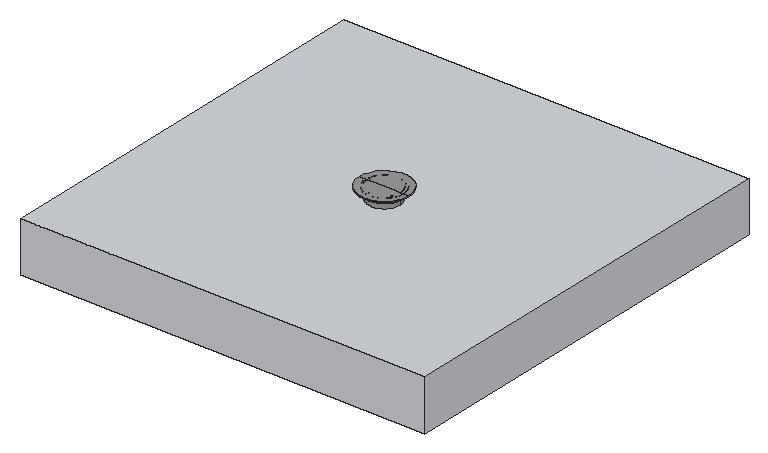
Revit family "LAMP_MUN DARK 300 SURFACE", category Modelos genéricos, Revit 2015
Parameters (values of type "45LM 3000 GRAPHITE")
  Weight = 1.66 kg
  Type = "OSRAM"
  Protection rating = "IP20"
  Product datasheet = "http://www.lamp.es/product-files/TECH/MD1300SF0120830NB-EN.pdf"
  Product code = "MD1300SF0120830NB"
  Product URL = "http://www.lamp.es/en/family/mun-dark_33380"
  Power Supply = "100-127-240V 50-60Hz"
  Power = 2.7 W
  Plum = 3.7 W
  Photometric web file = Fotometria Mun Dark 300 : 3000K
  Modelo = Product code  # "MD1300SF0120830NB"
  Material difusor = LAMP_PC Difusor Opal MunDark
  Material cuerpo = LAMP_Aluminio Mun Dark BL
  Material base = LAMP_Aluminio base MunDark BL
  Manufacturer name = "LAMP"
  Manufacturer country = "Spain"
  Manufacturer URL = "http://www.lamp.es/en"
  MacAdam = "<3"
  Luminaire type = "Indoor - Wall mounted"
  Last update = "06/11/2020"
  Lamp = "OSRAM LED"
  LED Lifetime = "50000 L70 B50"
  Insulation class = "I"
  Installation instructions = "http://www.lamp.es/product-files/INS/1004080-B-INSTR.%20MUN%20DARK.pdf"
  Initial intensity = 90 lm
  Initial color = 3000 K
  IEE = "A++"
  Height = 67 mm
  Gear = "Electronic"
  Finish = "Texturised matte graphite"
  Fabricante = Manufacturer name  # "LAMP"
  Default Elevation = 1219.2 mm
  Efficacy = 24.3 lm/W
  Diameter = 300 mm
  Descripción = "MUN DARK Ø300 WW GRH."
  CRI = "80"
Reference planes
  plane 1 "Centro (Frontal/Posterior)": y = 0
  plane 2: z = 0
  plane 3 "Centro (Izquierda/Derecha)": x = 0
Forms (mm)
  Extrusion 1, solid
    sketch origin (0, 0, 0) x (1, 0, 0) y (0, 1, 0)
      loop
        line (-1219.2, 1219.2) -> (-1219.2, -1219.2) -> (1219.2, -1219.2) -> (1219.2, 1219.2) -> (-1219.2, 1219.2)
    from 0 to -304.8
  Revolve 2, solid, material "LAMP_Aluminio Mun Dark BL" <- "Material cuerpo"
    sketch origin (0, 0, 10) x (1, 0, 0) y (0, 0, 1)
      loop
        line (0, 57) -> (0, 29.496) -> (96.5, 29.496) -> (96.5, 54.3) -> (112.4, 54.3) -> (112.4, 48.3) -> (113.4, 48.3) -> (113.4, 55) -> (150, 55) -> (150, 57) -> (0, 57)
      axis (0, 57) -> (0, 29.496)
    angle from 0 to 360
  Revolve 3, solid, material "LAMP_PC Difusor Opal MunDark" <- "Material difusor"
    sketch origin (0, 0, 10) x (1, 0, 0) y (0, 0, 1)
      loop
        line (110.061, 49.616) -> (108.061, 49.616) -> (111.04, 44.456) -> (111.04, 32.941) -> (111.04, 31.506) -> (96.24, 26.697) -> (96.24, 24.697) -> (110.967, 29.482)
        arc (110.967, 29.482) -> (112.467, 30.572) -> (113.04, 32.335) r 3
        line (113.04, 32.335) -> (113.04, 44.456) -> (110.061, 49.616)
      axis (0, 49.616) -> (0, 24.697)
    angle from 0 to 360
  Revolve 4, solid, material "LAMP_Aluminio base MunDark BL" <- "Material base"
    sketch origin (0, 0, 0) x (1, 0, 0) y (0, 0, 1)
      loop
        line (96.5, 34.697) -> (0, 34.697) -> (0, 0) -> (96.5, 0) -> (96.5, 34.697)
      axis (0, 34.697) -> (0, 0)
    angle from 0 to 360
Text (mm)
  text "Any modification of the parameters and properties of the LAMP BIM models must be executed and validated by the LAMP technical department.\n\nPhone: +34 93 736 68 00\n\nE-mail: lamp@lamp.es\n\n\n\nLAMP reserves the right to modify the technical specifications of its products." at (-13694.401, 10564.437, -20060.44), in view "Preview"
Dimensions and locks
  aligned and locked: plane 2 to Extrusion 1
  aligned and locked: level to Extrusion 1
Nested families
  nested 1: "Fotometria Mun Dark 300" at (0, 0, -1361.738), type "3000K"
Connectors
  electrical at (0, 0, 0)
    settings: on Revolve 4, index 1, voltage 230 V, apparent load 0 VA, apparent load phase1 0 VA, apparent load phase2 0 VA, apparent load phase3 0 VA, power factor 1, load classification "Otro", number of poles 1, system type 31, power factor state 1, is connector primary yes, connector utility no, sub classification motor no, connector description ""
Definition of nested family "Fotometria Mun Dark 300"
  Parameters (values of type "3000K")
    Tilt Angle = -90.00°
    Wattage = 15.9574 W
    built-in parameter 1150110 = 1 (stored number, unit not read)
    built-in parameter 1150142 = "IESNA:LM-63-1995\r\n[TEST] 10540100\r\n[DATE] 26-10-2016\r\n[MANUFAC] LAMP S.A.\r\n[LUMCAT] 10540100\r\n[LUMINAIRE] MUN DARK??300 NW WH.\r\n[LAMPCAT] 600mm de tira flexible LF06A-W3F-840 a 350mA\r\n[LAMP] \r\nTILT=NONE\r\n    1        90 1.00   37   36    1    1   0.400   0.300   0.067\r\n  1.0  1.0    4.0\r\n    0.0    5.0   10.0   15.0   20.0   25.0   30.0   35.0   40.0   45.0   50.0   55.0   60.0   65.0   70.0   75.0   80.0   85.0   90.0   95.0  100.0  105.0  110.0  115.0  120.0  125.0  130.0  135.0  140.0  145.0  150.0  155.0  160.0  165.0  170.0  175.0  180.0\r\n    0.0   10.0   20.0   30.0   40.0   50.0   60.0   70.0   80.0   90.0  100.0  110.0  120.0  130.0  140.0  150.0  160.0  170.0  180.0  190.0  200.0  210.0  220.0  230.0  240.0  250.0  260.0  270.0  280.0  290.0  300.0  310.0  320.0  330.0  340.0  350.0\r\n      18.2      17.9      16.7      15.8      15.6      15.6      15.6      15.5      15.3      14.9      14.5      13.9      13.2      12.4      11.5      10.4       9.3       8.1       7.1       6.2       4.6       2.3       1.1       0.9       0.7       0.6       0.6       0.6       0.5       0.1       0.0       0.0       0.0       0.0       0.0       0.0       0.0\r\n      18.2      17.9      16.7      15.8      15.6      15.6      15.6      15.5      15.3      14.9      14.5      13.9      13.2      12.4      11.5      10.4       9.3       8.1       7.1       6.2       4.6       2.3       1.1       0.9       0.7       0.6       0.6       0.6       0.6       0.1       0.0       0.0       0.0       0.0       0.0       0.0       0.0\r\n      18.2      17.9      16.7      15.8      15.6      15.6      15.6      15.5      15.3      14.9      14.5      13.9      13.2      12.4      11.5      10.5       9.3       8.1       7.1       6.2       4.6       2.3       1.1       0.9       0.7       0.6       0.6       0.6       0.6       0.1       0.0       0.0       0.0       0.0       0.0       0.0       0.0\r\n      18.2      17.9      16.7      15.8      15.6      15.6      15.6      15.5      15.3      14.9      14.5      13.9      13.3      12.4      11.5      10.5       9.3       8.1       7.1       6.2       4.6       2.3       1.1       0.9       0.7       0.7       0.6       0.6       0.6       0.1       0.0       0.0       0.0       0.0       0.0       0.0       0.0\r\n      18.2      17.9      16.7      15.8      15.6      15.6      15.6      15.5      15.3      14.9      14.5      14.0      13.3      12.4      11.5      10.5       9.3       8.1       7.1       6.2       4.6       2.3       1.1       0.9       0.7       0.7       0.6       0.6       0.6       0.1       0.0       0.0       0.0       0.0       0.0       0.0       0.0\r\n      18.2      17.9      16.7      15.8      15.6      15.6      15.6      15.5      15.3      14.9      14.5      14.0      13.3      12.4      11.5      10.5       9.3       8.1       7.1       6.2       4.6       2.3       1.1       0.9       0.7       0.7       0.6       0.6       0.6       0.1       0.0       0.0       0.0       0.0       0.0       0.0       0.0\r\n      18.2      17.9      16.7      15.8      15.6      15.6      15.6      15.5      15.3      14.9      14.5      13.9      13.3      12.4      11.5      10.5       9.3       8.1       7.1       6.2       4.6       2.3       1.1       0.9       0.7       0.7       0.6       0.6       0.6       0.1       0.0       0.0       0.0       0.0       0.0       0.0       0.0\r\n      18.2      17.9      16.7      15.8      15.6      15.6      15.6      15.5      15.3      14.9      14.5      13.9      13.2      12.4      11.5      10.5       9.3       8.1       7.1       6.2       4.6       2.3       1.1       0.9       0.7       0.6       0.6       0.6       0.6       0.1       0.0       0.0       0.0       0.0       0.0       0.0       0.0\r\n      18.2      17.9      16.7      15.8      15.6      15.6      15.6      15.5      15.3      14.9      14.5      13.9      13.2      12.4      11.5      10.4       9.3       8.1       7.1       6.2       4.6       2.3       1.1       0.9       0.7       0.6       0.6       0.6       0.6       0.1       0.0       0.0       0.0       0.0       0.0       0.0       0.0\r\n      18.2      17.9      16.7      15.8      15.6      15.6      15.6      15.5      15.3      14.9      14.5      13.9      13.2      12.4      11.5      10.4       9.3       8.1       7.1       6.2       4.6       2.3       1.1       0.9       0.7       0.6       0.6       0.6       0.5       0.1       0.0       0.0       0.0       0.0       0.0       0.0       0.0\r\n      18.2      17.9      16.7      15.8      15.6      15.6      15.6      15.5      15.3      14.9      14.5      13.9      13.2      12.4      11.5      10.4       9.3       8.1       7.1       6.2       4.6       2.3       1.1       0.9       0.7       0.6       0.6       0.6       0.6       0.1       0.0       0.0       0.0       0.0       0.0       0.0       0.0\r\n      18.2      17.9      16.7      15.8      15.6      15.6      15.6      15.5      15.3      14.9      14.5      13.9      13.2      12.4      11.5      10.5       9.3       8.1       7.1       6.2       4.6       2.3       1.1       0.9       0.7       0.6       0.6       0.6       0.6       0.1       0.0       0.0       0.0       0.0       0.0       0.0       0.0\r\n      18.2      17.9      16.7      15.8      15.6      15.6      15.6      15.5      15.3      14.9      14.5      13.9      13.3      12.4      11.5      10.5       9.3       8.1       7.1       6.2       4.6       2.3       1.1       0.9       0.7       0.7       0.6       0.6       0.6       0.1       0.0       0.0       0.0       0.0       0.0       0.0       0.0\r\n      18.2      17.9      16.7      15.8      15.6      15.6      15.6      15.5      15.3      14.9      14.5      14.0      13.3      12.4      11.5      10.5       9.3       8.1       7.1       6.2       4.6       2.3       1.1       0.9       0.7       0.7       0.6       0.6       0.6       0.1       0.0       0.0       0.0       0.0       0.0       0.0       0.0\r\n      18.2      17.9      16.7      15.8      15.6      15.6      15.6      15.5      15.3      14.9      14.5      14.0      13.3      12.4      11.5      10.5       9.3       8.1       7.1       6.2       4.6       2.3       1.1       0.9       0.7       0.7       0.6       0.6       0.6       0.1       0.0       0.0       0.0       0.0       0.0       0.0       0.0\r\n      18.2      17.9      16.7      15.8      15.6      15.6      15.6      15.5      15.3      14.9      14.5      13.9      13.3      12.4      11.5      10.5       9.3       8.1       7.1       6.2       4.6       2.3       1.1       0.9       0.7       0.7       0.6       0.6       0.6       0.1       0.0       0.0       0.0       0.0       0.0       0.0       0.0\r\n      18.2      17.9      16.7      15.8      15.6      15.6      15.6      15.5      15.3      14.9      14.5      13.9      13.2      12.4      11.5      10.5       9.3       8.1       7.1       6.2       4.6       2.3       1.1       0.9       0.7       0.6       0.6       0.6       0.6       0.1       0.0       0.0       0.0       0.0       0.0       0.0       0.0\r\n      18.2      17.9      16.7      15.8      15.6      15.6      15.6      15.5      15.3      14.9      14.5      13.9      13.2      12.4      11.5      10.4       9.3       8.1       7.1       6.2       4.6       2.3       1.1       0.9       0.7       0.6       0.6       0.6       0.6       0.1       0.0       0.0       0.0       0.0       0.0       0.0       0.0\r\n      18.2      17.9      16.7      15.8      15.6      15.6      15.6      15.5      15.3      14.9      14.5      13.9      13.2      12.4      11.5      10.4       9.3       8.1       7.1       6.2       4.6       2.3       1.1       0.9       0.7       0.6       0.6       0.6       0.5       0.1       0.0       0.0       0.0       0.0       0.0       0.0       0.0\r\n      18.2      17.9      16.7      15.8      15.6      15.6      15.6      15.5      15.3      14.9      14.5      13.9      13.2      12.4      11.5      10.4       9.3       8.1       7.1       6.2       4.6       2.3       1.1       0.9       0.7       0.6       0.6       0.6       0.6       0.1       0.0       0.0       0.0       0.0       0.0       0.0       0.0\r\n      18.2      17.9      16.7      15.8      15.6      15.6      15.6      15.5      15.3      14.9      14.5      13.9      13.2      12.4      11.5      10.5       9.3       8.1       7.1       6.2       4.6       2.3       1.1       0.9       0.7       0.6       0.6       0.6       0.6       0.1       0.0       0.0       0.0       0.0       0.0       0.0       0.0\r\n      18.2      17.9      16.7      15.8      15.6      15.6      15.6      15.5      15.3      14.9      14.5      13.9      13.3      12.4      11.5      10.5       9.3       8.1       7.1       6.2       4.6       2.3       1.1       0.9       0.7       0.7       0.6       0.6       0.6       0.1       0.0       0.0       0.0       0.0       0.0       0.0       0.0\r\n      18.2      17.9      16.7      15.8      15.6      15.6      15.6      15.5      15.3      14.9      14.5      14.0      13.3      12.4      11.5      10.5       9.3       8.1       7.1       6.2       4.6       2.3       1.1       0.9       0.7       0.7       0.6       0.6       0.6       0.1       0.0       0.0       0.0       0.0       0.0       0.0       0.0\r\n      18.2      17.9      16.7      15.8      15.6      15.6      15.6      15.5      15.3      14.9      14.5      14.0      13.3      12.4      11.5      10.5       9.3       8.1       7.1       6.2       4.6       2.3       1.1       0.9       0.7       0.7       0.6       0.6       0.6       0.1       0.0       0.0       0.0       0.0       0.0       0.0       0.0\r\n      18.2      17.9      16.7      15.8      15.6      15.6      15.6      15.5      15.3      14.9      14.5      13.9      13.3      12.4      11.5      10.5       9.3       8.1       7.1       6.2       4.6       2.3       1.1       0.9       0.7       0.7       0.6       0.6       0.6       0.1       0.0       0.0       0.0       0.0       0.0       0.0       0.0\r\n      18.2      17.9      16.7      15.8      15.6      15.6      15.6      15.5      15.3      14.9      14.5      13.9      13.2      12.4      11.5      10.5       9.3       8.1       7.1       6.2       4.6       2.3       1.1       0.9       0.7       0.6       0.6       0.6       0.6       0.1       0.0       0.0       0.0       0.0       0.0       0.0       0.0\r\n      18.2      17.9      16.7      15.8      15.6      15.6      15.6      15.5      15.3      14.9      14.5      13.9      13.2      12.4      11.5      10.4       9.3       8.1       7.1       6.2       4.6       2.3       1.1       0.9       0.7       0.6       0.6       0.6       0.6       0.1       0.0       0.0       0.0       0.0       0.0       0.0       0.0\r\n      18.2      17.9      16.7      15.8      15.6      15.6      15.6      15.5      15.3      14.9      14.5      13.9      13.2      12.4      11.5      10.4       9.3       8.1       7.1       6.2       4.6       2.3       1.1       0.9       0.7       0.6       0.6       0.6       0.5       0.1       0.0       0.0       0.0       0.0       0.0       0.0       0.0\r\n      18.2      17.9      16.7      15.8      15.6      15.6      15.6      15.5      15.3      14.9      14.5      13.9      13.2      12.4      11.5      10.4       9.3       8.1       7.1       6.2       4.6       2.3       1.1       0.9       0.7       0.6       0.6       0.6       0.6       0.1       0.0       0.0       0.0       0.0       0.0       0.0       0.0\r\n      18.2      17.9      16.7      15.8      15.6      15.6      15.6      15.5      15.3      14.9      14.5      13.9      13.2      12.4      11.5      10.5       9.3       8.1       7.1       6.2       4.6       2.3       1.1       0.9       0.7       0.6       0.6       0.6       0.6       0.1       0.0       0.0       0.0       0.0       0.0       0.0       0.0\r\n      18.2      17.9      16.7      15.8      15.6      15.6      15.6      15.5      15.3      14.9      14.5      13.9      13.3      12.4      11.5      10.5       9.3       8.1       7.1       6.2       4.6       2.3       1.1       0.9       0.7       0.7       0.6       0.6       0.6       0.1       0.0       0.0       0.0       0.0       0.0       0.0       0.0\r\n      18.2      17.9      16.7      15.8      15.6      15.6      15.6      15.5      15.3      14.9      14.5      14.0      13.3      12.4      11.5      10.5       9.3       8.1       7.1       6.2       4.6       2.3       1.1       0.9       0.7       0.7       0.6       0.6       0.6       0.1       0.0       0.0       0.0       0.0       0.0       0.0       0.0\r\n      18.2      17.9      16.7      15.8      15.6      15.6      15.6      15.5      15.3      14.9      14.5      14.0      13.3      12.4      11.5      10.5       9.3       8.1       7.1       6.2       4.6       2.3       1.1       0.9       0.7       0.7       0.6       0.6       0.6       0.1       0.0       0.0       0.0       0.0       0.0       0.0       0.0\r\n      18.2      17.9      16.7      15.8      15.6      15.6      15.6      15.5      15.3      14.9      14.5      13.9      13.3      12.4      11.5      10.5       9.3       8.1       7.1       6.2       4.6       2.3       1.1       0.9       0.7       0.7       0.6       0.6       0.6       0.1       0.0       0.0       0.0       0.0       0.0       0.0       0.0\r\n      18.2      17.9      16.7      15.8      15.6      15.6      15.6      15.5      15.3      14.9      14.5      13.9      13.2      12.4      11.5      10.5       9.3       8.1       7.1       6.2       4.6       2.3       1.1       0.9       0.7       0.6       0.6       0.6       0.6       0.1       0.0       0.0       0.0       0.0       0.0       0.0       0.0\r\n      18.2      17.9      16.7      15.8      15.6      15.6      15.6      15.5      15.3      14.9      14.5      13.9      13.2      12.4      11.5      10.4       9.3       8.1       7.1       6.2       4.6       2.3       1.1       0.9       0.7       0.6       0.6       0.6       0.6       0.1       0.0       0.0       0.0       0.0       0.0       0.0       0.0\r\n"
    built-in parameter 1114217 = 1 (stored number, unit not read)
    built-in parameter 1150109 = 1 (stored number, unit not read)
    built-in parameter 1150134 = (empty or 0)
    built-in parameter 1150113 = 1 (stored number, unit not read)
    Lumens = 300 lm
    built-in parameter 1150115 = 1 (stored number, unit not read)
    built-in parameter 1150105 = 60.667 (stored number, unit not read)
    built-in parameter 1150137 = (empty or 0)
    built-in parameter 1150139 = (empty or 0)
    built-in parameter 1150112 = 1 (stored number, unit not read)
    built-in parameter 1150114 = 1 (stored number, unit not read)
    built-in parameter 1150132 = 2
    built-in parameter 1150102 = (empty or 0)
    built-in parameter 1150138 = (empty or 0)
    built-in parameter 1150107 = 3000 (stored number, unit not read)
    built-in parameter 1150106 = 0.60667 (stored number, unit not read)
    built-in parameter 1150104 = 1.7466 (stored number, unit not read)
    Dimming Lamp Color Temperature Shift = (empty or 0)
    Color Filter = 16777215
    built-in parameter 1114218 = 1 (stored number, unit not read)
    Photometric Web File = "10540100.IES"
    built-in parameter 1150133 = 10 (stored number, unit not read)
  Types (3, lengths in mm): name | built-in parameter 1150142 | built-in parameter 1150134 | built-in parameter 1150105 | built-in parameter 1150107 | built-in parameter 1150106 | Photometric Web File
    (no name) | "IESNA:LM-63-1995\r\n[TEST] 10540100\r\n[DATE] 26-10-2016\r\n[MANUFAC] LAMP S.A.\r\n[LUMCAT] 10540100\r\n[LUMINAIRE] MUN DARK??300 NW WH.\r\n[LAMPCAT] 600mm de tira flexible LF06A-W3F-840 a 350mA\r\n[LAMP] \r\nTILT=NONE\r\n    1        90 1.00   37   36    1    1   0.400   0.300   0.067\r\n  1.0  1.0    4.0\r\n    0.0    5.0   10.0   15.0   20.0   25.0   30.0   35.0   40.0   45.0   50.0   55.0   60.0   65.0   70.0   75.0   80.0   85.0   90.0   95.0  100.0  105.0  110.0  115.0  120.0  125.0  130.0  135.0  140.0  145.0  150.0  155.0  160.0  165.0  170.0  175.0  180.0\r\n    0.0   10.0   20.0   30.0   40.0   50.0   60.0   70.0   80.0   90.0  100.0  110.0  120.0  130.0  140.0  150.0  160.0  170.0  180.0  190.0  200.0  210.0  220.0  230.0  240.0  250.0  260.0  270.0  280.0  290.0  300.0  310.0  320.0  330.0  340.0  350.0\r\n      18.2      17.9      16.7      15.8      15.6      15.6      15.6      15.5      15.3      14.9      14.5      13.9      13.2      12.4      11.5      10.4       9.3       8.1       7.1       6.2       4.6       2.3       1.1       0.9       0.7       0.6       0.6       0.6       0.5       0.1       0.0       0.0       0.0       0.0       0.0       0.0       0.0\r\n      18.2      17.9      16.7      15.8      15.6      15.6      15.6      15.5      15.3      14.9      14.5      13.9      13.2      12.4      11.5      10.4       9.3       8.1       7.1       6.2       4.6       2.3       1.1       0.9       0.7       0.6       0.6       0.6       0.6       0.1       0.0       0.0       0.0       0.0       0.0       0.0       0.0\r\n      18.2      17.9      16.7      15.8      15.6      15.6      15.6      15.5      15.3      14.9      14.5      13.9      13.2      12.4      11.5      10.5       9.3       8.1       7.1       6.2       4.6       2.3       1.1       0.9       0.7       0.6       0.6       0.6       0.6       0.1       0.0       0.0       0.0       0.0       0.0       0.0       0.0\r\n      18.2      17.9      16.7      15.8      15.6      15.6      15.6      15.5      15.3      14.9      14.5      13.9      13.3      12.4      11.5      10.5       9.3       8.1       7.1       6.2       4.6       2.3       1.1       0.9       0.7       0.7       0.6       0.6       0.6       0.1       0.0       0.0       0.0       0.0       0.0       0.0       0.0\r\n      18.2      17.9      16.7      15.8      15.6      15.6      15.6      15.5      15.3      14.9      14.5      14.0      13.3      12.4      11.5      10.5       9.3       8.1       7.1       6.2       4.6       2.3       1.1       0.9       0.7       0.7       0.6       0.6       0.6       0.1       0.0       0.0       0.0       0.0       0.0       0.0       0.0\r\n      18.2      17.9      16.7      15.8      15.6      15.6      15.6      15.5      15.3      14.9      14.5      14.0      13.3      12.4      11.5      10.5       9.3       8.1       7.1       6.2       4.6       2.3       1.1       0.9       0.7       0.7       0.6       0.6       0.6       0.1       0.0       0.0       0.0       0.0       0.0       0.0       0.0\r\n      18.2      17.9      16.7      15.8      15.6      15.6      15.6      15.5      15.3      14.9      14.5      13.9      13.3      12.4      11.5      10.5       9.3       8.1       7.1       6.2       4.6       2.3       1.1       0.9       0.7       0.7       0.6       0.6       0.6       0.1       0.0       0.0       0.0       0.0       0.0       0.0       0.0\r\n      18.2      17.9      16.7      15.8      15.6      15.6      15.6      15.5      15.3      14.9      14.5      13.9      13.2      12.4      11.5      10.5       9.3       8.1       7.1       6.2       4.6       2.3       1.1       0.9       0.7       0.6       0.6       0.6       0.6       0.1       0.0       0.0       0.0       0.0       0.0       0.0       0.0\r\n      18.2      17.9      16.7      15.8      15.6      15.6      15.6      15.5      15.3      14.9      14.5      13.9      13.2      12.4      11.5      10.4       9.3       8.1       7.1       6.2       4.6       2.3       1.1       0.9       0.7       0.6       0.6       0.6       0.6       0.1       0.0       0.0       0.0       0.0       0.0       0.0       0.0\r\n      18.2      17.9      16.7      15.8      15.6      15.6      15.6      15.5      15.3      14.9      14.5      13.9      13.2      12.4      11.5      10.4       9.3       8.1       7.1       6.2       4.6       2.3       1.1       0.9       0.7       0.6       0.6       0.6       0.5       0.1       0.0       0.0       0.0       0.0       0.0       0.0       0.0\r\n      18.2      17.9      16.7      15.8      15.6      15.6      15.6      15.5      15.3      14.9      14.5      13.9      13.2      12.4      11.5      10.4       9.3       8.1       7.1       6.2       4.6       2.3       1.1       0.9       0.7       0.6       0.6       0.6       0.6       0.1       0.0       0.0       0.0       0.0       0.0       0.0       0.0\r\n      18.2      17.9      16.7      15.8      15.6      15.6      15.6      15.5      15.3      14.9      14.5      13.9      13.2      12.4      11.5      10.5       9.3       8.1       7.1       6.2       4.6       2.3       1.1       0.9       0.7       0.6       0.6       0.6       0.6       0.1       0.0       0.0       0.0       0.0       0.0       0.0       0.0\r\n      18.2      17.9      16.7      15.8      15.6      15.6      15.6      15.5      15.3      14.9      14.5      13.9      13.3      12.4      11.5      10.5       9.3       8.1       7.1       6.2       4.6       2.3       1.1       0.9       0.7       0.7       0.6       0.6       0.6       0.1       0.0       0.0       0.0       0.0       0.0       0.0       0.0\r\n      18.2      17.9      16.7      15.8      15.6      15.6      15.6      15.5      15.3      14.9      14.5      14.0      13.3      12.4      11.5      10.5       9.3       8.1       7.1       6.2       4.6       2.3       1.1       0.9       0.7       0.7       0.6       0.6       0.6       0.1       0.0       0.0       0.0       0.0       0.0       0.0       0.0\r\n      18.2      17.9      16.7      15.8      15.6      15.6      15.6      15.5      15.3      14.9      14.5      14.0      13.3      12.4      11.5      10.5       9.3       8.1       7.1       6.2       4.6       2.3       1.1       0.9       0.7       0.7       0.6       0.6       0.6       0.1       0.0       0.0       0.0       0.0       0.0       0.0       0.0\r\n      18.2      17.9      16.7      15.8      15.6      15.6      15.6      15.5      15.3      14.9      14.5      13.9      13.3      12.4      11.5      10.5       9.3       8.1       7.1       6.2       4.6       2.3       1.1       0.9       0.7       0.7       0.6       0.6       0.6       0.1       0.0       0.0       0.0       0.0       0.0       0.0       0.0\r\n      18.2      17.9      16.7      15.8      15.6      15.6      15.6      15.5      15.3      14.9      14.5      13.9      13.2      12.4      11.5      10.5       9.3       8.1       7.1       6.2       4.6       2.3       1.1       0.9       0.7       0.6       0.6       0.6       0.6       0.1       0.0       0.0       0.0       0.0       0.0       0.0       0.0\r\n      18.2      17.9      16.7      15.8      15.6      15.6      15.6      15.5      15.3      14.9      14.5      13.9      13.2      12.4      11.5      10.4       9.3       8.1       7.1       6.2       4.6       2.3       1.1       0.9       0.7       0.6       0.6       0.6       0.6       0.1       0.0       0.0       0.0       0.0       0.0       0.0       0.0\r\n      18.2      17.9      16.7      15.8      15.6      15.6      15.6      15.5      15.3      14.9      14.5      13.9      13.2      12.4      11.5      10.4       9.3       8.1       7.1       6.2       4.6       2.3       1.1       0.9       0.7       0.6       0.6       0.6       0.5       0.1       0.0       0.0       0.0       0.0       0.0       0.0       0.0\r\n      18.2      17.9      16.7      15.8      15.6      15.6      15.6      15.5      15.3      14.9      14.5      13.9      13.2      12.4      11.5      10.4       9.3       8.1       7.1       6.2       4.6       2.3       1.1       0.9       0.7       0.6       0.6       0.6       0.6       0.1       0.0       0.0       0.0       0.0       0.0       0.0       0.0\r\n      18.2      17.9      16.7      15.8      15.6      15.6      15.6      15.5      15.3      14.9      14.5      13.9      13.2      12.4      11.5      10.5       9.3       8.1       7.1       6.2       4.6       2.3       1.1       0.9       0.7       0.6       0.6       0.6       0.6       0.1       0.0       0.0       0.0       0.0       0.0       0.0       0.0\r\n      18.2      17.9      16.7      15.8      15.6      15.6      15.6      15.5      15.3      14.9      14.5      13.9      13.3      12.4      11.5      10.5       9.3       8.1       7.1       6.2       4.6       2.3       1.1       0.9       0.7       0.7       0.6       0.6       0.6       0.1       0.0       0.0       0.0       0.0       0.0       0.0       0.0\r\n      18.2      17.9      16.7      15.8      15.6      15.6      15.6      15.5      15.3      14.9      14.5      14.0      13.3      12.4      11.5      10.5       9.3       8.1       7.1       6.2       4.6       2.3       1.1       0.9       0.7       0.7       0.6       0.6       0.6       0.1       0.0       0.0       0.0       0.0       0.0       0.0       0.0\r\n      18.2      17.9      16.7      15.8      15.6      15.6      15.6      15.5      15.3      14.9      14.5      14.0      13.3      12.4      11.5      10.5       9.3       8.1       7.1       6.2       4.6       2.3       1.1       0.9       0.7       0.7       0.6       0.6       0.6       0.1       0.0       0.0       0.0       0.0       0.0       0.0       0.0\r\n      18.2      17.9      16.7      15.8      15.6      15.6      15.6      15.5      15.3      14.9      14.5      13.9      13.3      12.4      11.5      10.5       9.3       8.1       7.1       6.2       4.6       2.3       1.1       0.9       0.7       0.7       0.6       0.6       0.6       0.1       0.0       0.0       0.0       0.0       0.0       0.0       0.0\r\n      18.2      17.9      16.7      15.8      15.6      15.6      15.6      15.5      15.3      14.9      14.5      13.9      13.2      12.4      11.5      10.5       9.3       8.1       7.1       6.2       4.6       2.3       1.1       0.9       0.7       0.6       0.6       0.6       0.6       0.1       0.0       0.0       0.0       0.0       0.0       0.0       0.0\r\n      18.2      17.9      16.7      15.8      15.6      15.6      15.6      15.5      15.3      14.9      14.5      13.9      13.2      12.4      11.5      10.4       9.3       8.1       7.1       6.2       4.6       2.3       1.1       0.9       0.7       0.6       0.6       0.6       0.6       0.1       0.0       0.0       0.0       0.0       0.0       0.0       0.0\r\n      18.2      17.9      16.7      15.8      15.6      15.6      15.6      15.5      15.3      14.9      14.5      13.9      13.2      12.4      11.5      10.4       9.3       8.1       7.1       6.2       4.6       2.3       1.1       0.9       0.7       0.6       0.6       0.6       0.5       0.1       0.0       0.0       0.0       0.0       0.0       0.0       0.0\r\n      18.2      17.9      16.7      15.8      15.6      15.6      15.6      15.5      15.3      14.9      14.5      13.9      13.2      12.4      11.5      10.4       9.3       8.1       7.1       6.2       4.6       2.3       1.1       0.9       0.7       0.6       0.6       0.6       0.6       0.1       0.0       0.0       0.0       0.0       0.0       0.0       0.0\r\n      18.2      17.9      16.7      15.8      15.6      15.6      15.6      15.5      15.3      14.9      14.5      13.9      13.2      12.4      11.5      10.5       9.3       8.1       7.1       6.2       4.6       2.3       1.1       0.9       0.7       0.6       0.6       0.6       0.6       0.1       0.0       0.0       0.0       0.0       0.0       0.0       0.0\r\n      18.2      17.9      16.7      15.8      15.6      15.6      15.6      15.5      15.3      14.9      14.5      13.9      13.3      12.4      11.5      10.5       9.3       8.1       7.1       6.2       4.6       2.3       1.1       0.9       0.7       0.7       0.6       0.6       0.6       0.1       0.0       0.0       0.0       0.0       0.0       0.0       0.0\r\n      18.2      17.9      16.7      15.8      15.6      15.6      15.6      15.5      15.3      14.9      14.5      14.0      13.3      12.4      11.5      10.5       9.3       8.1       7.1       6.2       4.6       2.3       1.1       0.9       0.7       0.7       0.6       0.6       0.6       0.1       0.0       0.0       0.0       0.0       0.0       0.0       0.0\r\n      18.2      17.9      16.7      15.8      15.6      15.6      15.6      15.5      15.3      14.9      14.5      14.0      13.3      12.4      11.5      10.5       9.3       8.1       7.1       6.2       4.6       2.3       1.1       0.9       0.7       0.7       0.6       0.6       0.6       0.1       0.0       0.0       0.0       0.0       0.0       0.0       0.0\r\n      18.2      17.9      16.7      15.8      15.6      15.6      15.6      15.5      15.3      14.9      14.5      13.9      13.3      12.4      11.5      10.5       9.3       8.1       7.1       6.2       4.6       2.3       1.1       0.9       0.7       0.7       0.6       0.6       0.6       0.1       0.0       0.0       0.0       0.0       0.0       0.0       0.0\r\n      18.2      17.9      16.7      15.8      15.6      15.6      15.6      15.5      15.3      14.9      14.5      13.9      13.2      12.4      11.5      10.5       9.3       8.1       7.1       6.2       4.6       2.3       1.1       0.9       0.7       0.6       0.6       0.6       0.6       0.1       0.0       0.0       0.0       0.0       0.0       0.0       0.0\r\n      18.2      17.9      16.7      15.8      15.6      15.6      15.6      15.5      15.3      14.9      14.5      13.9      13.2      12.4      11.5      10.4       9.3       8.1       7.1       6.2       4.6       2.3       1.1       0.9       0.7       0.6       0.6       0.6       0.6       0.1       0.0       0.0       0.0       0.0       0.0       0.0       0.0\r\n" | (empty or 0) | 60.667 (stored number, unit not read) | 3000 (stored number, unit not read) | 0.60667 (stored number, unit not read) | "10540100.IES"
